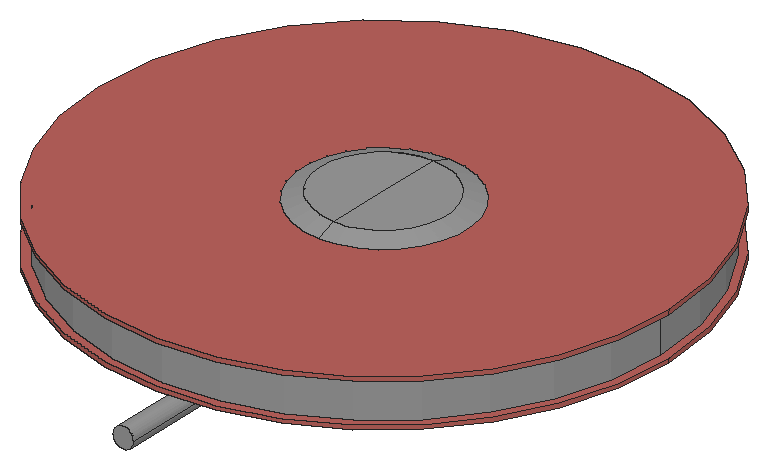
Revit family "GRAS_HW-19 ZWN-S 20-30", category Osprzęt hydrauliczny, Revit 2018
Family settings
  Obiekt nadrzędny = Powierzchnia
  Wymiar okrągłego złącza = Użyj średnicy
  Typ części = Normalny
  Tnij formami wycięć po wczytaniu = Nie
  Współdzielony = Nie
  Punkt obliczania pomieszczeń = Nie
Parameters (values of type "HW-19N-20/30 ZWN-S, 700x58")
  URL = "http://www.gras.pl/"
  Top Right Supply Connection = ""
  Top Left Supply Connection = ""
  Side Right Supply Connection = ""
  Side Left Supply Connection = ""
  Producent = "GRAS PPPH"
  Opis = "https://gras.pl/en/hw-19-zwn-s-20-30/"
  Model = "HW-19N-20/30, 700x58"
  K Factor = 42
  Flow = 35.0 L/s
  Door_Right - Door_Left [instance] = no
  Default Elevation = 0 mm
  Diameter = 700 mm
  Depth_hose_reel = 58 mm
  DN = 19 mm
  Cabinet material = DC01, RAL3000
  Back Right Supply Connection = ""
  Back Left Supply Connection = ""
Types (2, lengths in mm): name | Model | Diameter | Depth_hose_reel
  HW-19N-20/30 ZWN-S, 600x110 | "HW-19N-20/30, 600x110" | 600 | 88
  HW-19N-20/30 ZWN-S, 700x58 | "HW-19N-20/30, 700x58" | 700 | 58
Reference planes
  plane 1 "Środek (Przód/Tył)": y = 0
  plane 2: z = 0
  plane 3 "Środek (Lewa/Prawa)": x = 0
  plane 4: z = 110
  plane 5: z = 130
  plane 6: z = 0
  plane 7: z = 130
  plane 8: z = 130
  plane 9: y = 700
  plane 10: y = 350
  plane 11: x = 350
  plane 12: x = -350
Forms (mm)
  Extrusion 1, solid, not visible
    sketch origin (0, 0, 0) x (1, 0, 0) y (0, 1, 0)
      loop
        line (-1219.2, 1219.2) -> (-1219.2, -1219.2) -> (1219.2, -1219.2) -> (1219.2, 1219.2) -> (-1219.2, 1219.2)
    from 0 to -304.8
Dimensions and locks
  locked: plane 4 to Extrusion 1 at 110
  equal spacing: plane 12, plane 3 "Środek (Lewa/Prawa)", plane 11
  "Diameter": plane 12 to plane 11
  equal spacing: plane 9, plane 10, plane 1 "Środek (Przód/Tył)"
  "Diameter": plane 9 to plane 1 "Środek (Przód/Tył)"
  equal spacing: plane 9, nested 1, plane 1 "Środek (Przód/Tył)"
  aligned and locked: plane 2 to Extrusion 1
  aligned and locked: level to Extrusion 1
  aligned and locked: Extrusion 1 to nested 1
Automatic sketch dimensions
  Extrusion 1 sketch curve to Extrusion 1 sketch curve = 2438.4 mm  (x2)
Nested families
  nested 1: "cabinet" at (0, 350, 0) x (-1, 0, 0) z (0, -1, 0), type "cabinet_on_the_wall"
Connectors
  piping at (0, -50, 22.5), diameter 19, driven by "DN"
    settings: on nested 1, index 1, connector inside diameter 609.6 mm, connector length 0 mm, flow factor 0, pipe flow 0.0 L/s, pressure drop 0.0 Pa, fitting loss kfactor 0, connector angle 0.00°, fixture units 0, engagement length 0 mm, angle of deflection 0.00°, flow configuration 0, flow direction 0, fitting loss method 0, system type 7, joint type 0, gender type 0, connector reference index -1, connector utility 0, adjustable connector no, is connector primary yes, connector description ""
Definition of nested family "cabinet"
  Parameters (values of type "cabinet_on_the_wall")
    steel_color = none
    mo_plane = 57 mm
    hose_depth = 58 mm
    diameter = 700 mm
    bracket_thickness = 10 mm
    Szlauch_color = none
    Hoose_reel_mo = mo_plane - 10 mm  # 47 mm
    Default Elevation = 0 mm
    Hose_color = none
    0 = 0 mm
  Reference planes
    plane 1 "Środek (Przód/Tył)": y = 0
    plane 2: z = 0
    plane 3 "Środek (Lewa/Prawa)": x = 0
    plane 4: y = -57
    plane 5: z = 0
    plane 6: x = -350
    plane 7: x = 350
    plane 8: z = -350
    plane 9: z = 350
    plane 10: y = -105
    plane 11: y = -47
  Dimensions and locks
    "mo_plane": plane 1 "Środek (Przód/Tył)" to plane 4
    "0": nested 2 to plane 4
    "0": level to nested 2
    "0": level to nested 1
    "0": plane 5 to plane 2
    equal spacing: plane 9, level, plane 8
    equal spacing: plane 7, plane 3 "Środek (Lewa/Prawa)", plane 6
    "diameter": plane 7 to plane 6
    "diameter": plane 9 to plane 8
    "Hoose_reel_mo": plane 1 "Środek (Przód/Tył)" to plane 11
    "hose_depth": plane 11 to plane 10
    "bracket_thickness": plane 1 "Środek (Przód/Tył)" to nested 3
    "0": nested 4 to nested 2  (x2)
    "0": nested 4 to level
    aligned and locked: level to plane 2
    aligned and locked: plane 3 "Środek (Lewa/Prawa)" to nested 2
  Nested families
    nested 1: "zwns" at (0, 0, -40), type "zwns"
      with 43 57 mm
    nested 2: "hose_reel" at (0, -52, -350), type "hose_reel"
    nested 3: "hose" at (0, -22.5, 0), type "hose"
    nested 4: "plug" at (0, -110, -100), type "plug"
  Definition of nested family "zwns"
    Parameters (values of type "zwns")
      steel = none
      43 = 43 mm
      40 = 40 mm
      172 = 172 mm
      118 = 118 mm
      10 = 10 mm
    Reference planes
      plane 1 "Środek (Przód/Tył)": y = 0
      plane 2: z = 0
      plane 3 "Środek (Lewa/Prawa)": x = 0
      plane 4: z = 59
      plane 5: z = 118
      plane 6: x = -86
      plane 7: x = 86
      plane 8: y = -10
      plane 9: z = 40
      plane 10: y = -43
      plane 11: z = 60
      plane 12: z = 20
    Forms (mm)
      Extrusion 1, solid, material <- "steel"
        sketch origin (0, 0, 0) x (1, 0, 0) y (0, 1, 0)
          loop
            line (-86, 0) -> (-86, -10) -> (86, -10) -> (86, 0) -> (-86, 0)
        from 0 to 118
      Extrusion 2, solid, material <- "steel"
        sketch origin (0, 0, 0) x (1, 0, 0) y (0, 0, 1)
          loop
            circle (0, 40) r 20
        from 10 to 43
    Dimensions and locks
      equal spacing: plane 5, plane 4, level
      "118": plane 5 to level
      equal spacing: plane 7, plane 3 "Środek (Lewa/Prawa)", plane 6
      "172": plane 7 to plane 6
      "10": plane 8 to plane 1 "Środek (Przód/Tył)"
      "43": plane 1 "Środek (Przód/Tył)" to plane 10
      "40": plane 11 to plane 12
      equal spacing: plane 11, plane 9, plane 12
      "40": plane 9 to level
      aligned and locked: level to plane 2
      aligned and locked: Extrusion 1 sketch curve to plane 7
      aligned and locked: plane 6 to Extrusion 1 sketch curve
      aligned and locked: plane 8 to Extrusion 1 sketch curve
      aligned and locked: plane 1 "Środek (Przód/Tył)" to Extrusion 1 sketch curve
      aligned and locked: Extrusion 1 to level
      aligned and locked: plane 5 to Extrusion 1
      aligned and locked: plane 8 to Extrusion 2
      aligned and locked: Extrusion 2 to plane 10
    Automatic sketch dimensions
      Extrusion 2 sketch curve to plane 3 "Środek (Lewa/Prawa)" = 0 mm
      Extrusion 2 sketch curve to plane 9 = 0 mm
      radius of Extrusion 2 sketch curve = 20 mm
  Definition of nested family "hose_reel"
    Parameters (values of type "hose_reel")
      steel_color = none
      diameter = 700 mm
      depth = 58 mm
      Ral_3000 = none
      Hose_color = none
      5 = 5 mm
      180 = 180 mm
      20 = 20 mm
    Reference planes
      plane 1 "Środek (Przód/Tył)": y = 0
      plane 2: z = 0
      plane 3 "Środek (Lewa/Prawa)": x = 0
      plane 4: z = 350
      plane 5: z = 700
      plane 6: y = -58
      plane 7: z = 680
      plane 8: y = -5
      plane 9: y = -53
      plane 10: z = 440
      plane 11: z = 260
      plane 12: z = 690
    Forms (mm)
      Sweep 1, solid, material <- "Ral_3000"
        path origin (0, 0, 0) x (1, 0, 0) y (0, 0, 1)
          loop
            circle (0, 350) r 350
        profile origin (0, 0, 700) x (0, 0, -1) y (0, -1, 0)
          loop
            line (0, 0) -> (260, 0) -> (260, 58) -> (0, 58) -> (0, 53) -> (20, 53) -> (20, 5) -> (0, 5) -> (0, 0)
      Extrusion 2, solid, material <- "Ral_3000"
        sketch origin (0, 0, 0) x (1, 0, 0) y (0, 0, 1)
          loop
            circle (0, 350) r 90
        from 5 to 53
      Sweep 3, solid, material <- "Hose_color"
        path origin (0, 0, 0) x (1, 0, 0) y (0, 0, 1)
          loop
            circle (0, 350) r 340
        profile origin (0, 0, 690) x (0, 0, -1) y (0, -1, 0)
          loop
            line (10, 5) -> (10, 53) -> (0, 53) -> (0, 5) -> (10, 5)
    Dimensions and locks
      equal spacing: plane 5, plane 4, plane 2
      "diameter": plane 5 to plane 2
      "depth": plane 1 "Środek (Przód/Tył)" to plane 6
      "20": plane 5 to plane 7
      "5": plane 1 "Środek (Przód/Tył)" to plane 8
      "5": plane 9 to plane 6
      equal spacing: plane 10, plane 4, plane 11
      "180": plane 10 to plane 11
      equal spacing: plane 5, plane 12, plane 7
      aligned and locked: level to plane 2
      aligned and locked: plane 7 to Sweep 1 sketch curve
      aligned and locked: plane 8 to Sweep 1 sketch curve
      aligned and locked: Sweep 1 sketch curve to plane 9
      aligned and locked: plane 6 to Sweep 1 sketch curve
      aligned and locked: plane 5 to Sweep 1 sketch curve  (x2)
      aligned and locked: Sweep 1 sketch curve to plane 10
      aligned and locked: Extrusion 2 to Sweep 1
      aligned and locked: Sweep 1 to Extrusion 2
      aligned and locked: plane 7 to Sweep 3 sketch curve
      aligned and locked: Sweep 3 sketch curve to plane 9
      aligned and locked: plane 8 to Sweep 3 sketch curve
      aligned and locked: Sweep 3 sketch curve to plane 12
    Automatic sketch dimensions
      Sweep 1 sketch curve to plane 3 "Środek (Lewa/Prawa)" = 0 mm
      Sweep 1 sketch curve to plane 4 = 0 mm
      Sweep 1 sketch curve to plane 1 "Środek (Przód/Tył)" = 0 mm
      Extrusion 2 sketch curve to plane 3 "Środek (Lewa/Prawa)" = 0 mm
      Extrusion 2 sketch curve to plane 4 = 0 mm
      Sweep 3 sketch curve to plane 3 "Środek (Lewa/Prawa)" = 0 mm
      Sweep 3 sketch curve to plane 4 = 0 mm
      radius of Sweep 1 sketch curve = 350 mm
      radius of Extrusion 2 sketch curve = 90 mm
      radius of Sweep 3 sketch curve = 340 mm
  Definition of nested family "hose"
    Parameters (values of type "hose")
      material = none
      lenght = 400 mm
      hose_out = DN + 6 mm  # 25 mm
      DN = 19 mm
      40 = 40 mm
    Reference planes
      plane 1 "Środek (Przód/Tył)": y = 0
      plane 2: z = 0
      plane 3 "Środek (Lewa/Prawa)": x = 0
      plane 4: y = 12.5
      plane 5: y = -12.5
      plane 6: x = 12.5
      plane 7: x = -12.5
      plane 8: z = 400
      plane 9: z = 20
      plane 10: z = -20
    Forms (mm)
      Extrusion 1, solid, material <- "material"
        sketch origin (0, 0, 0) x (1, 0, 0) y (0, 1, 0)
          loop
            circle (0, 0) r 12.5
        from 0 to 400
      Extrusion 2, void
        sketch origin (0, 0, 0) x (1, 0, 0) y (0, 0, 1)
          loop
            circle (0, 0) r 20
        from -12.5 to 12.5
    Cuts and joins
      Extrusion 2 cuts Extrusion 1
    Dimensions and locks
      equal spacing: plane 7, plane 3 "Środek (Lewa/Prawa)", plane 6
      equal spacing: plane 4, plane 1 "Środek (Przód/Tył)", plane 5
      "hose_out": plane 7 to plane 6
      "hose_out": plane 4 to plane 5
      "lenght": plane 8 to level
      equal spacing: plane 9, level, plane 10
      "40": plane 9 to plane 10
      "hose_out": diameter of Extrusion 1 sketch curve
      "40": diameter of Extrusion 2 sketch curve
      aligned and locked: level to plane 2
      aligned and locked: plane 8 to Extrusion 1
      aligned and locked: Extrusion 1 to level
      aligned and locked: plane 4 to Extrusion 2
      aligned and locked: Extrusion 2 to plane 5
    Automatic sketch dimensions
      plane 1 "Środek (Przód/Tył)" to Extrusion 1 sketch curve = 0 mm
      Extrusion 1 sketch curve to plane 3 "Środek (Lewa/Prawa)" = 0 mm
      Extrusion 2 sketch curve to level = 0 mm
      Extrusion 2 sketch curve to plane 3 "Środek (Lewa/Prawa)" = 0 mm
  Definition of nested family "plug"
    Parameters (values of type "plug")
      thickness = 2 mm
      plug_diameter = 200 mm
      material = none
      depth = 8 mm
    Reference planes
      plane 1 "Środek (Przód/Tył)": y = 0
      plane 2: z = 0
      plane 3 "Środek (Lewa/Prawa)": x = 0
      plane 4: y = -8
      plane 5: z = 200
      plane 6: z = 100
      plane 7: x = -100
      plane 8: x = 100
    Forms (mm)
      Revolve 1, solid, material <- "material"
        sketch origin (0, 0, 0) x (0, 1, 0) y (0, 0, 1)
          loop
            line (0, 200) -> (-8, 176.941) -> (-8, 100) -> (-6, 100) -> (-6, 176.604) -> (0, 193.898) -> (0, 200)
          axis (-8, 100) -> (0, 100)
        angle from 0 to 360
    Dimensions and locks
      "depth": plane 1 "Środek (Przód/Tył)" to plane 4
      equal spacing: plane 5, plane 6, level
      "plug_diameter": plane 5 to level
      equal spacing: plane 8, plane 3 "Środek (Lewa/Prawa)", plane 7
      "plug_diameter": plane 8 to plane 7
      "thickness": Revolve 1 sketch curve to Revolve 1 sketch curve  (x2)
      aligned and locked: level to plane 2
      aligned and locked: Revolve 1 sketch curve to plane 6  (x2)
    Automatic sketch dimensions
      Revolve 1 sketch curve to plane 4 = 0 mm
      Revolve 1 sketch curve to plane 1 "Środek (Przód/Tył)" = 0 mm
      Revolve 1 sketch curve to plane 5 = 0 mm
      Revolve 1 sketch curve to plane 5 = 23.396 mm
      Revolve 1 sketch curve to plane 4 = 50 mm
      Revolve 1 sketch curve to plane 1 "Środek (Przód/Tył)" = 40 mm
